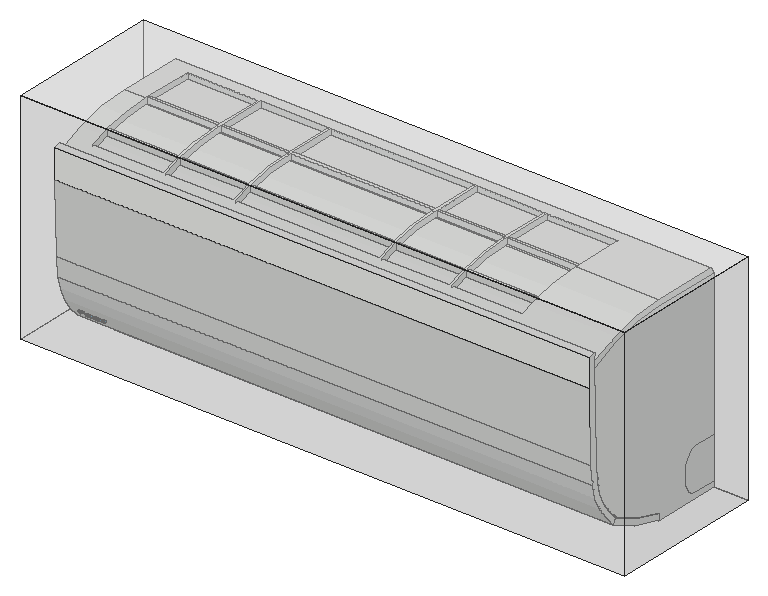
Revit family "outputfile", category 機械設備, Revit 2024
Family settings
  丸型コネクタ寸法 = 半径を使用
  パーツ タイプ = 標準
  OmniClass 番号 = 23.75.10.24.21.27.27
  OmniClass タイトル = Split System Air Conditioning Units
  作業面ベース = いいえ
  常に垂直 = はい
  ロード時にボイドで切り取り = いいえ
  注釈の向きを維持 = いいえ
  共有 = いいえ
  部屋計算ポイント = いいえ
Parameters (values of type "FTXV46UVMA")
  Description = ""
  書き出し IFC クラス(タイプ) = "IfcUnitaryEquipmentType"
  定義済み IFC タイプ(タイプ) = "AIRCONDITIONINGUNIT"
  Cost = 0
  Type Comments = ""
  Keynote = ""
  Type Image = (empty or 0)
  Assembly Code = ""
  w_wall hole = if(Width = 770.0 mm, 48.0 mm, 60.0 mm)  # 48.0 mm
  製造元 = "Daikin"
  モデル = "FTXV46UVMA"
  switch_frequency = yes
  r_Liquid Pipe Size = Liquid Pipe Size / 2  # 3.2 mm
  r_Gas Pipe Size = Gas Pipe Size / 2  # 6.35 mm
  r_Drain Pipe Size = Drain Pipe Size / 2  # 8.0 mm
  lw_powersupply [instance] = if(Width = 770.0 mm, if(or(Rear Right Connection_refrigerant, Bottom Right Connection_refrigerant), 25.0 mm, if(or(Rear Left Connection_refrigerant, Bottom Left Connection_refrigerant), 745.0 mm, 400.0 mm)), if(Width = 990.0 mm, if(or(Rear Right Connection_refrigerant, Bottom Right Connection_refrigerant), 40.0 mm, if(or(Rear Left Connection_refrigerant, Bottom Left Connection_refrigerant), 920.0 mm, 400.0 mm)), if(or(Rear Right Connection_refrigerant, Bottom Right Connection_refrigerant), 40.0 mm, if(or(Rear Left Connection_refrigerant, Bottom Left Connection_refrigerant), 920.0 mm, 400.0 mm))))  # 400.0 mm
  lw_liquidpipe [instance] = if(Width = 770.0 mm, if(or(Rear Right Connection_refrigerant, Bottom Right Connection_refrigerant), 0.0 mm, if(or(Rear Left Connection_refrigerant, Bottom Left Connection_refrigerant), 664.0 mm, 385.0 mm)), if(Width = 990.0 mm, if(or(Rear Right Connection_refrigerant, Bottom Right Connection_refrigerant), 0.0 mm, if(or(Rear Left Connection_refrigerant, Bottom Left Connection_refrigerant), 664.0 mm + (990.0 mm - 770.0 mm), 475.0 mm)), if(or(Rear Right Connection_refrigerant, Bottom Right Connection_refrigerant), 0.0 mm, if(or(Rear Left Connection_refrigerant, Bottom Left Connection_refrigerant), 664.0 mm + (990.0 mm - 770.0 mm), 475.0 mm))))  # 385.0 mm
  lw_gaspipe [instance] = if(Width = 770.0 mm, if(or(Rear Right Connection_refrigerant, Bottom Right Connection_refrigerant), 0.0 mm, if(or(Rear Left Connection_refrigerant, Bottom Left Connection_refrigerant), 675.0 mm, if(Gas Pipe Size = 12.7 mm, 345.0 mm, 335.0 mm))), if(Width = 990.0 mm, if(or(Rear Right Connection_refrigerant, Bottom Right Connection_refrigerant), 10.0 mm, if(or(Rear Left Connection_refrigerant, Bottom Left Connection_refrigerant), 890.0 mm, if(Gas Pipe Size = 15.9 mm, 410.0 mm, 400.0 mm))), if(or(Rear Right Connection_refrigerant, Bottom Right Connection_refrigerant), 10.0 mm, if(or(Rear Left Connection_refrigerant, Bottom Left Connection_refrigerant), 890.0 mm, if(Gas Pipe Size = 15.9 mm, 410.0 mm, 400.0 mm)))))  # 345.0 mm
  lw_drainpipe [instance] = if(Width = 770.0 mm, if(or(Rear Right Connection_refrigerant, Bottom Right Connection_refrigerant), 0.0 mm, if(or(Rear Left Connection_refrigerant, Bottom Left Connection_refrigerant), 770.0 mm - 48.0 mm - 48.0 mm, 440.0 mm)), if(Width = 990.0 mm, if(or(Rear Right Connection_refrigerant, Bottom Right Connection_refrigerant), 0.0 mm, if(or(Rear Left Connection_refrigerant, Bottom Left Connection_refrigerant), 675.0 mm + (990.0 mm - 770.0 mm), 435.0 mm)), if(or(Rear Right Connection_refrigerant, Bottom Right Connection_refrigerant), 0.0 mm, if(or(Rear Left Connection_refrigerant, Bottom Left Connection_refrigerant), 675.0 mm + (990.0 mm - 770.0 mm), 435.0 mm))))  # 440.0 mm
  l_powersupply_length [instance] = if(Width = 770.0 mm, if(Right Connection_refrigerant, 400.0 mm, if(Left Connection_refrigerant, 770.0 mm - 400.0 mm, if(or(Rear Left Connection_refrigerant, Rear Right Connection_refrigerant), 15.0 mm, 50.0 mm))), if(Width = 990.0 mm, if(Right Connection_refrigerant, 400.0 mm, if(Left Connection_refrigerant, 990.0 mm - 400.0 mm, if(or(Rear Left Connection_refrigerant, Rear Right Connection_refrigerant), 15.0 mm, 50.0 mm))), if(Right Connection_refrigerant, 400.0 mm, if(Left Connection_refrigerant, 990.0 mm - 400.0 mm, if(or(Rear Left Connection_refrigerant, Rear Right Connection_refrigerant), 15.0 mm, 50.0 mm)))))  # 400.0 mm
  l_liquidpipe_length [instance] = if(Width = 770.0 mm, if(Right Connection_refrigerant, 433.0 mm, if(Left Connection_refrigerant, 337.0 mm, if(or(Rear Left Connection_refrigerant, Rear Right Connection_refrigerant), 30.0 mm, 40.0 mm))), if(Width = 990.0 mm, if(Right Connection_refrigerant, 535.0 mm, if(Left Connection_refrigerant, 455.0 mm, if(or(Rear Left Connection_refrigerant, Rear Right Connection_refrigerant), 30.0 mm, 40.0 mm))), if(Right Connection_refrigerant, 535.0 mm, if(Left Connection_refrigerant, 455.0 mm, if(or(Rear Left Connection_refrigerant, Rear Right Connection_refrigerant), 30.0 mm, 40.0 mm)))))  # 433.0 mm
  l_gaspipe_length [instance] = if(Width = 770.0 mm, if(Right Connection_refrigerant, if(Gas Pipe Size = 12.7 mm, 393.0 mm, 383.0 mm), if(Left Connection_refrigerant, if(Gas Pipe Size = 12.7 mm, 770.0 mm - 393.0 mm, 770.0 mm - 383.0 mm), if(or(Rear Left Connection_refrigerant, Rear Right Connection_refrigerant), 40.0 mm, 50.0 mm))), if(Width = 990.0 mm, if(Right Connection_refrigerant, if(Gas Pipe Size = 15.9 mm, 470.0 mm, 460.0 mm), if(Left Connection_refrigerant, if(Gas Pipe Size = 15.9 mm, 990.0 mm - 470.0 mm, 990.0 mm - 460.0 mm), if(or(Rear Left Connection_refrigerant, Rear Right Connection_refrigerant), 40.0 mm, 50.0 mm))), if(Right Connection_refrigerant, if(Gas Pipe Size = 15.9 mm, 460.0 mm, 460.0 mm), if(Left Connection_refrigerant, if(Gas Pipe Size = 15.9 mm, 990.0 mm - 460.0 mm, 990.0 mm - 460.0 mm), if(or(Rear Left Connection_refrigerant, Rear Right Connection_refrigerant), 40.0 mm, 50.0 mm)))))  # 393.0 mm
  l_drainpipe_length [instance] = if(Width = 770.0 mm, if(Right Connection_refrigerant, 488.0 mm, if(Left Connection_refrigerant, 282.0 mm, if(or(Rear Left Connection_refrigerant, Rear Right Connection_refrigerant), 15.0 mm, 20.0 mm))), if(Width = 990.0 mm, if(Right Connection_refrigerant, 495.0 mm, if(Left Connection_refrigerant, 495.0 mm, if(or(Rear Left Connection_refrigerant, Rear Right Connection_refrigerant), 15.0 mm, 20.0 mm))), if(Right Connection_refrigerant, 495.0 mm, if(Left Connection_refrigerant, 495.0 mm, if(or(Rear Left Connection_refrigerant, Rear Right Connection_refrigerant), 15.0 mm, 20.0 mm)))))  # 488.0 mm
  h*** = 0.0 mm  # constant formula
  connector_voltage = Voltage_50Hz  # 230 V
  connector_powerinput = [Power Input (Cooling)]  # 1.220 kW
  connector_phase = Phase_50Hz  # 1
  angle_vertical [instance] = if(or(Bottom Left Connection_refrigerant, Bottom Right Connection_refrigerant), 0.00°, 90.00°)  # 90.00°
  angle_horizontal [instance] = if(Right Connection_refrigerant, 90.00°, if(Left Connection_refrigerant, -90.00°, if(or(Rear Left Connection_refrigerant, Rear Right Connection_refrigerant), 180.00°, 0.00°)))  # 90.00°
  Width = 770.0 mm
  Voltage_comment_60Hz = "220-230"
  Voltage_comment_50Hz = "220 - 240"
  Voltage_60Hz = 220 V
  Voltage_50Hz = 230 V
  Version = "ver.1.0"
  Unit Type = "Wall Mounted"
  Unit Mass Weight = 9.00 kg
  Unit Designation [instance] = ""
  Uniclass2015Version = "Products v1.30"
  Uniclass2015Title = "Split coil room air conditioning units"
  Uniclass2015Code = "Pr_70_65_03_86"
  URL = ""
  Total Heating Capacity [instance] = 0.000 kW
  Total Cooling Capacity [instance] = 0.000 kW
  Sound Pressure Level_M speed (dBA) = 40
  Sound Pressure Level_L speed (dBA) = 35
  Sound Pressure Level_H speed (dBA) = 44
  Sound Power Level_H speed (dB) = 0
  Series = "Single Split_Fan Coil Unit"
  Sensible Cooling Capacity [instance] = 0.000 kW
  Refrigerant Type = "R32"
  Power Input (Heating) = 1.180 kW
  Power Input (Cooling) = 1.220 kW
  Phase_60Hz = 1
  Phase_50Hz = 1
  Option Accessory 3 [instance] = ""
  Option Accessory 2 [instance] = ""
  Option Accessory 1 [instance] = ""
  Nominal Heating Capacity = 4.700 kW
  Nominal Cooling Capacity = 4.600 kW
  Minimum Circuit Amps_60Hz = 0.0 A
  Minimum Circuit Amps_50Hz = 0.0 A
  Minimum Airflow = 504.00 m³/h
  Median Airflow = 600.00 m³/h
  Maximum Fuse Amps_60Hz = 0.0 A
  Maximum Fuse Amps_50Hz = 0.0 A
  Maximum Airflow = 732.00 m³/h
  Material_Casing = DAIKIN_PureWhite_Casing_indoorunit
  Load Classification = HVAC
  Liquid Pipe Size = 6.4 mm
  Link_Nested Family [instance] = ""
  IfcVersion = ""
  IfcExportType = "AIRCONDITIONINGUNIT"
  IfcExportAs = "IfcUnitaryEquipmentType"
  Height = 285.0 mm
  Heating Entering Wet Bulb Temperature [instance] = -273.15 °C
  Heating Entering Dry Bulb Temperature [instance] = -273.15 °C
  Heating Ambient Wet Bulb Temperature [instance] = -273.15 °C
  Heating Ambient Dry Bulb Temperature [instance] = -273.15 °C
  Heat Exchanger Type = "Cross Fin Coil"
  Gas Pipe Size = 12.7 mm
  Frequency_60Hz = 60 Hz
  Frequency_50Hz = 50 Hz
  Fan Type = "Cross Flow Fan"
  Fan Drive = "-"
  FCU Tag No. [instance] = ""
  Drain Pipe Size = 16.0 mm
  Design Supply Airflow [instance] = 0.00 m³/h
  Depth = 223.0 mm
  既定の高さ = 0.0 mm
  Cooling Entering Wet Bulb Temperature [instance] = 0.00 °C
  Cooling Entering Dry Bulb Temperature [instance] = 0.00 °C
  Cooling Ambient Wet Bulb Temperature [instance] = 0.00 °C
  Cooling Ambient Dry Bulb Temperature [instance] = 0.00 °C
  Clearance visibility [instance] = yes
  Clearance Top = 30.0 mm
  Clearance Right = 50.0 mm
  Clearance Rear = 0.0 mm
  Clearance Left = 50.0 mm
  Clearance Front = 0.0 mm
  Clearance Bottom = 0.0 mm
  Bottom Right Connection_refrigerant [instance] = no
  Bottom Left Connection_refrigerant [instance] = no
  Rear Right Connection_refrigerant [instance] = no
  Rear Left Connection_refrigerant [instance] = no
  Right Connection_refrigerant [instance] = yes
  Left Connection_refrigerant [instance] = no
Reference planes
  plane 1 "Back": y = 0
  plane 2: z = 0
  plane 3 "Center (Left/Right)": x = 0
  plane 4 "Center (Front/Back)": y = -111.5
  plane 5 "Front": y = -223
  plane 6 "Left": x = -385
  plane 7 "Right": x = 385
  plane 8 "Top": z = 0
  plane 9 "Bottom": z = -285
  plane 10: x = -435
  plane 11: x = 435
  plane 12: y = 0
  plane 13: y = -223
  plane 14: z = 30
  plane 15: z = -285
  plane 16 "lw_Piping and Wiring intake": x = 337
  plane 17 "lw_gaspipe": x = -8
  plane 18 "lw_liquidpipe": x = -48
  plane 19 "lw_drainpipe": x = -103
  plane 20 "lh_drainpipe": z = -265
  plane 21 "lh_liquidpipe": z = -245
  plane 22 "lh_gaspipe": z = -235
  plane 23 "ld_drainpipe": y = -15
  plane 24 "ld_liquidpipe": y = -30
  plane 25 "ld_gaspipe": y = -40
  plane 26 "lw_powersupply": x = -15
Dimensions and locks
  equal spacing: plane 6 "Left", plane 3 "Center (Left/Right)", plane 7 "Right"
  "Width": plane 6 "Left" to plane 7 "Right"
  equal spacing: plane 5 "Front", plane 4 "Center (Front/Back)", plane 1 "Back"
  "Depth": plane 5 "Front" to plane 1 "Back"
  "Height": plane 8 "Top" to plane 9 "Bottom"
  "Clearance Rear": plane 12 to plane 1 "Back"
  "Clearance Front": plane 13 to plane 5 "Front"
  "Clearance Top": plane 14 to plane 8 "Top"
  "Clearance Bottom": plane 9 "Bottom" to plane 15
  "w_wall hole": plane 16 "lw_Piping and Wiring intake" to plane 7 "Right"
  "lw_gaspipe": plane 17 "lw_gaspipe" to plane 16 "lw_Piping and Wiring intake"
  "lw_liquidpipe": plane 18 "lw_liquidpipe" to plane 16 "lw_Piping and Wiring intake"
  "lw_drainpipe": plane 19 "lw_drainpipe" to plane 16 "lw_Piping and Wiring intake"
  locked: plane 20 "lh_drainpipe" to plane 9 "Bottom" at 20
  locked: plane 21 "lh_liquidpipe" to plane 9 "Bottom" at 40
  locked: plane 22 "lh_gaspipe" to plane 9 "Bottom" at 50
  locked: plane 23 "ld_drainpipe" to plane 1 "Back" at 15
  locked: plane 1 "Back" to plane 24 "ld_liquidpipe" at 30
  locked: plane 1 "Back" to plane 25 "ld_gaspipe" at 40
  "lw_powersupply": plane 26 "lw_powersupply" to plane 7 "Right"
  "Clearance Left": plane 10 to plane 6 "Left"
  "Clearance Right": plane 7 "Right" to plane 11
  aligned and locked: level to plane 2
  aligned and locked: plane 12 to nested 1
  aligned and locked: nested 1 to plane 13
  aligned and locked: plane 10 to nested 1
  aligned and locked: plane 11 to nested 1
  aligned and locked: plane 15 to nested 1
  aligned and locked: plane 14 to nested 1
  aligned and locked: plane 17 "lw_gaspipe" to nested 2
  aligned and locked: nested 2 to plane 25 "ld_gaspipe"
  aligned and locked: plane 18 "lw_liquidpipe" to nested 3
  aligned and locked: nested 3 to plane 24 "ld_liquidpipe"
  aligned and locked: plane 19 "lw_drainpipe" to nested 4
  aligned and locked: nested 4 to plane 23 "ld_drainpipe"
  aligned and locked: nested 5 to plane 23 "ld_drainpipe"
  aligned and locked: plane 26 "lw_powersupply" to nested 5
  aligned and locked: level to plane 8 "Top"
  aligned and locked: plane 3 "Center (Left/Right)" to nested 6
  aligned and locked: plane 1 "Back" to nested 6
  aligned and locked: plane 8 "Top" to nested 6
Nested families
  nested 1: "daikin_clearancespace" at (0, -111.5, -127.381), show <- "Clearance visibility", visible <- "Clearance visibility", Link_Nested Family <- "Link_Nested Family", type "daikin_clearancespace"
    with width 870.0 mm, show yes, height 315.0 mm, depth 223.0 mm, Link_Nested Family ""
  nested 2: "daikin_connector_rotate3" at (-8, -40, -235), angle_vertical <- "angle_vertical", angle_horizontal <- "angle_horizontal", length <- "l_gaspipe_length", radius <- "r_Gas Pipe Size", type "daikin_connector_rotate3"
    with show no, radius 6.35 mm, length 393.0 mm, angle_vertical 90.00°, angle_horizontal 90.00°
  nested 3: "daikin_connector_rotate3" at (-48, -30, -245), angle_vertical <- "angle_vertical", angle_horizontal <- "angle_horizontal", radius <- "r_Liquid Pipe Size", length <- "l_liquidpipe_length", type "daikin_connector_rotate3"
    with show no, radius 3.2 mm, length 433.0 mm, angle_vertical 90.00°, angle_horizontal 90.00°
  nested 4: "daikin_connector_rotate3" at (-103, -15, -265), angle_vertical <- "angle_vertical", angle_horizontal <- "angle_horizontal", length <- "l_drainpipe_length", radius <- "r_Drain Pipe Size", type "daikin_connector_rotate3"
    with show no, radius 8.0 mm, length 488.0 mm, angle_vertical 90.00°, angle_horizontal 90.00°
  nested 5: "daikin_connector_rotate3" at (-15, -15, -235), angle_vertical <- "angle_vertical", angle_horizontal <- "angle_horizontal", length <- "l_powersupply_length", type "daikin_connector_rotate3"
    with show no, radius 10.0 mm, length 400.0 mm, angle_vertical 90.00°, angle_horizontal 90.00°
  nested 6: "DAIKIN_indoorunit_FTXV-UVMA" at (-31, 0, 0), type "FTXV-UVMA"
    with Width=990 no, Width=770 yes, Width 770.0 mm, WALL HOLE-R 48.0 mm, WALL HOLE Size 65.0 mm, Height 285.0 mm
Connectors
  piping at (385, -40, -235), diameter 12.7, driven by "r_Gas Pipe Size"
    settings: on nested 2, index 1, connector inside diameter 609.6 mm, connector length 0.0 mm, flow factor 0, pipe flow 0.00 m³/h, pressure drop 0.0 Pa, fitting loss kfactor 0, connector angle 0.00°, fixture units 0, engagement length 0.0 mm, angle of deflection 0.00°, flow configuration 1, flow direction 2, fitting loss method 0, system type 29, joint type 0, gender type 0, connector reference index -1, connector utility 0, adjustable connector no, is connector primary yes, connector description "Refrigerant Gas Piping"
  piping at (385, -30, -245), diameter 6.4, driven by "r_Liquid Pipe Size"
    settings: on nested 3, index 2, connector inside diameter 609.6 mm, connector length 0.0 mm, flow factor 0, pipe flow 0.00 m³/h, pressure drop 0.0 Pa, fitting loss kfactor 0, connector angle 0.00°, fixture units 0, engagement length 0.0 mm, angle of deflection 0.00°, flow configuration 1, flow direction 1, fitting loss method 0, system type 29, joint type 0, gender type 0, connector reference index -1, connector utility 0, adjustable connector no, is connector primary no, connector description "Refrigerant Liquid Piping"
  piping at (385, -15, -265), diameter 16, driven by "r_Drain Pipe Size"
    settings: on nested 4, index 3, connector inside diameter 609.6 mm, connector length 0.0 mm, flow factor 0, pipe flow 0.00 m³/h, pressure drop 0.0 Pa, fitting loss kfactor 0, connector angle 0.00°, fixture units 0, engagement length 0.0 mm, angle of deflection 0.00°, flow configuration 1, flow direction 2, fitting loss method 4, system type 16, joint type 0, gender type 0, connector reference index -1, connector utility 0, adjustable connector no, is connector primary no, connector description "Condensate Drain Piping"
  electrical at (385, -15, -235), driven by "Load Classification", driven by "connector_voltage", driven by "connector_phase", driven by "connector_powerinput"
    settings: on nested 5, index 4, voltage 230 V, apparent load 1220 VA, apparent load phase1 0 VA, apparent load phase2 0 VA, apparent load phase3 0 VA, power factor 1, load classification "HVAC", number of poles 1, system type 30, power factor state 1, is connector primary yes, connector utility no, sub classification motor no, connector description "Power Supply"
Definition of nested family "daikin_clearancespace"
  Parameters (values of type "daikin_clearancespace")
    Description = "daikin_clearancespace"
    width [instance] = 1823.963 mm
    show [instance] = yes
    material = none
    height [instance] = 1359.762 mm
    depth [instance] = 880.0 mm
    Default Elevation = 0.0 mm
    Link_Nested Family [instance] = ""
  Reference planes
    plane 1 "Center (Front/Back)": y = 0
    plane 2 "Center (Elevation)": z = -0.119
    plane 3 "Center (Left/Right)": x = 0
    plane 4: y = 440
    plane 5: y = -440
    plane 6 "Right": x = 911.982
    plane 7 "Left": x = -911.982
    plane 8 "Top": z = 679.762
    plane 9 "Bottom": z = -680
  Forms (mm)
    Extrusion 1, solid, material <- "material", visible <- "show"
      sketch origin (0, 0, 0) x (1, 0, 0) y (0, 1, 0)
        loop
          line (-911.982, 440) -> (-911.982, -440) -> (911.982, -440) -> (911.982, 440) -> (-911.982, 440)
      from -680 to 679.762
  Lines and regions (mm)
    symbolic lines, visible <- "show"
      curve 1: line (911.982, 440, 0) -> (-911.982, 440, 0)
      curve 2: line (-911.982, 440, 0) -> (-911.982, -440, 0)
      curve 3: line (-911.982, -440, 0) -> (911.982, -440, 0)
      curve 4: line (911.982, -440, 0) -> (911.982, 440, 0)
      curve 5: line (911.982, 0, 679.762) -> (-911.982, 0, 679.762)
      curve 6: line (911.982, 0, -680) -> (911.982, 0, 679.762)
      curve 7: line (-911.982, 0, -680) -> (911.982, 0, -680)
      curve 8: line (-911.982, 0, 679.762) -> (-911.982, 0, -680)
      curve 9: line (0, 440, 679.762) -> (0, -440, 679.762)
      curve 10: line (0, -440, 679.762) -> (0, -440, -680)
      curve 11: line (0, 440, -680) -> (0, 440, 679.762)
      curve 12: line (0, -440, -680) -> (0, 440, -680)
  Dimensions and locks
    "width": plane 7 "Left" to plane 6 "Right"
    "depth": plane 4 to plane 5
    "height": plane 8 "Top" to plane 9 "Bottom"
    equal spacing: plane 7 "Left", plane 3 "Center (Left/Right)", plane 6 "Right"
    equal spacing: plane 4, plane 1 "Center (Front/Back)", plane 5
    equal spacing: plane 8 "Top", plane 2 "Center (Elevation)", plane 9 "Bottom"
    aligned and locked: level to plane 2 "Center (Elevation)"
    aligned and locked: Extrusion 1 sketch curve to plane 4
    aligned and locked: plane 7 "Left" to Extrusion 1 sketch curve
    aligned and locked: Extrusion 1 sketch curve to plane 5
    aligned and locked: Extrusion 1 sketch curve to plane 6 "Right"
    aligned and locked: plane 8 "Top" to Extrusion 1
    aligned and locked: curve 1 to Extrusion 1
    aligned and locked: curve 2 to Extrusion 1
    aligned and locked: curve 3 to Extrusion 1
    aligned and locked: curve 4 to Extrusion 1
    aligned and locked: curve 5 to Extrusion 1
    aligned and locked: curve 6 to Extrusion 1
    aligned and locked: curve 7 to Extrusion 1
    aligned and locked: curve 8 to Extrusion 1
    aligned and locked: curve 9 to Extrusion 1
    aligned and locked: curve 10 to Extrusion 1
    aligned and locked: curve 11 to Extrusion 1
    aligned and locked: curve 12 to Extrusion 1
    aligned and locked: Extrusion 1 to plane 9 "Bottom"
Definition of nested family "DAIKIN_indoorunit_FTXV-UVMA"
  Parameters (values of type "FTKF-TVMA")
    Width=990 = Width = 990.0 mm  # yes
    Width=770 = Width = 770.0 mm  # no
    Width = 990.0 mm
    WALL HOLE-R = if(Width = 770.0 mm, 48.0 mm, 60.0 mm)  # 60.0 mm
    WALL HOLE Size = if(Width = 770.0 mm, 65.0 mm, 80.0 mm)  # 80.0 mm
    Material_Casing = none
    Height = if(Width = 770.0 mm, 285.0 mm, 295.0 mm)  # 295.0 mm
    Default Elevation = 0.0 mm
  Reference planes
    plane 1 "Center (Front/Back)": y = 0
    plane 2 "reference_level": z = 0
    plane 3 "Center (Left/Right)": x = 31
    plane 4: x = -464
    plane 5: x = 526
    plane 6: z = -295
  Forms (mm)
    Extrusion 1, solid, material <- "Material_Casing", visible <- "Width=770"
      sketch origin (29, 0, 0) x (0, 1, 0) y (0, 0, 1)
        loop
          line (-5, 0) -> (-98, 0)
          arc (-98, 0) -> (-157.611, -7.211) -> (-213.783, -28.427) r 250
          arc (-213.783, -28.427) -> (-213.842, -32.972) -> (-213.892, -37.516) r 2191
          arc (-213.892, -37.516) -> (-157.832, -15.495) -> (-98.07, -8) r 242
          line (-98.07, -8) -> (0, -8) -> (-5, 0)
      from -383 to 387
    Extrusion 2, solid, material <- "Material_Casing", visible <- "Width=770"
      sketch origin (416, 1296.25, 1200) x (0, 1, 0) y (0, 0, 1)
        loop
          line (-1472.998, -1446.91) -> (-1476.998, -1453.839)
          arc (-1476.998, -1453.839) -> (-1437.481, -1472.422) -> (-1395.25, -1483.538) r 240
          line (-1395.25, -1483.538) -> (-1395.25, -1475.422)
          arc (-1395.25, -1475.422) -> (-1435.407, -1464.663) -> (-1472.998, -1446.91) r 232
      from 0 to -47.5
    Extrusion 3, solid, material <- "Material_Casing", visible <- "Width=770"
      sketch origin (29, 0, 0) x (0, 1, 0) y (0, 0, 1)
        loop
          arc (-223, -60.455) -> (-222.414, -110.646) -> (-220.656, -160.81) r 2149.92
          arc (-220.656, -160.81) -> (-219.65, -174.299) -> (-217.853, -187.706) r 229.911
          arc (-217.853, -187.706) -> (-205.371, -223.594) -> (-181.517, -253.17) r 111
          line (-181.517, -253.17) -> (-177.429, -246.093)
          arc (-177.429, -246.093) -> (-198.77, -218.989) -> (-209.965, -186.36) r 103
          arc (-209.965, -186.36) -> (-211.681, -173.586) -> (-212.651, -160.735) r 221.844
          arc (-212.651, -160.735) -> (-214.739, -93.233) -> (-214.74, -25.699) r 2186.828
          arc (-214.74, -25.699) -> (-214.671, -21.467) -> (-214.594, -17.235) r 2192
          line (-214.594, -17.235) -> (-223, -19.961) -> (-223, -60.455)
      from -383 to 387
    Extrusion 4, solid, material <- "Material_Casing", visible <- "Width=770"
      sketch origin (29, 0, -20) x (0, 1, 0) y (0, 0, 1)
        loop
          line (0, -265) -> (0, 12) -> (-98.07, 12)
          arc (-98.07, 12) -> (-157.832, 4.505) -> (-213.892, -17.516) r 242
          arc (-213.892, -17.516) -> (-213.638, -79.114) -> (-211.653, -140.681) r 2191
          arc (-211.653, -140.681) -> (-210.685, -153.501) -> (-208.973, -166.243) r 221
          arc (-208.973, -166.243) -> (-197.471, -199.282) -> (-175.482, -226.491) r 102
          arc (-175.482, -226.491) -> (-138.004, -244.019) -> (-98, -254.579) r 231
          line (-98, -254.579) -> (-98, -265) -> (0, -265)
      from -383 to 387
    Extrusion 5, solid, material <- "Material_Casing", visible <- "Width=770"
      sketch origin (-354, 1296.25, 1200) x (0, 1, 0) y (0, 0, 1)
        loop
          line (-1472.998, -1446.91) -> (-1476.998, -1453.839)
          arc (-1476.998, -1453.839) -> (-1437.481, -1472.422) -> (-1395.25, -1483.538) r 240
          line (-1395.25, -1483.538) -> (-1395.25, -1475.422)
          arc (-1395.25, -1475.422) -> (-1435.407, -1464.663) -> (-1472.998, -1446.91) r 232
      from 47 to 0
    Extrusion 6, solid, material <- "Material_Casing", visible <- "Width=770"
      sketch origin (416, 1296.25, 1200) x (0, 1, 0) y (0, 0, 1)
        loop
          line (-1472.998, -1446.91) -> (-1476.998, -1453.839)
          arc (-1476.998, -1453.839) -> (-1443.437, -1470.168) -> (-1407.75, -1481.097) r 240
          line (-1407.75, -1481.097) -> (-1407.75, -1472.894)
          arc (-1407.75, -1472.894) -> (-1441.363, -1462.385) -> (-1472.998, -1446.91) r 232
      from -116.993 to -48.493
    Extrusion 7, solid, material <- "Material_Casing", visible <- "Width=770"
      sketch origin (416, 1296.25, 1200) x (0, 1, 0) y (0, 0, 1)
        loop
          line (-1472.998, -1446.91) -> (-1476.998, -1453.839)
          arc (-1476.998, -1453.839) -> (-1443.437, -1470.168) -> (-1407.75, -1481.097) r 240
          line (-1407.75, -1481.097) -> (-1407.75, -1472.894)
          arc (-1407.75, -1472.894) -> (-1441.363, -1462.385) -> (-1472.998, -1446.91) r 232
      from -717 to -121.993
    Extrusion 8, void
      sketch origin (31, 0, -235) x (1, 0, 0) y (0, 1, 0)
        loop
          line (-252.674, -22.316) -> (-354.941, -22.316) -> (-354.941, -91.341) -> (-252.674, -91.341) -> (-252.674, -22.316)
        loop
          line (-249.341, -91.341) -> (-151.574, -91.341) -> (-151.574, -22.316) -> (-249.341, -22.316) -> (-249.341, -91.341)
        loop
          line (58.309, -22.316) -> (-148.309, -22.316) -> (-148.309, -91.341) -> (58.309, -91.341) -> (58.309, -22.316)
        loop
          line (61.689, -22.316) -> (61.689, -91.341) -> (159.457, -91.341) -> (159.457, -22.316) -> (61.689, -22.316)
        loop
          line (162.789, -22.316) -> (162.789, -91.341) -> (265.057, -91.341) -> (265.057, -22.316) -> (162.789, -22.316)
        loop
          line (-354.941, -94.659) -> (-354.941, -165.259) -> (-252.674, -165.259) -> (-252.674, -94.659) -> (-354.941, -94.659)
        loop
          line (-249.341, -94.659) -> (-249.341, -165.259) -> (-151.574, -165.259) -> (-151.574, -94.659) -> (-249.341, -94.659)
        loop
          line (-148.309, -94.659) -> (-148.309, -165.259) -> (58.309, -165.259) -> (58.309, -94.659) -> (-148.309, -94.659)
        loop
          line (61.689, -94.659) -> (61.689, -165.259) -> (159.457, -165.259) -> (159.457, -94.659) -> (61.689, -94.659)
        loop
          line (162.789, -94.659) -> (162.789, -165.259) -> (265.057, -165.259) -> (265.057, -94.659) -> (162.789, -94.659)
        loop
          line (-354.941, -167.382) -> (-354.941, -192.681) -> (-252.674, -192.681) -> (-252.674, -167.382) -> (-354.941, -167.382)
        loop
          line (-249.341, -167.382) -> (-249.341, -192.681) -> (-151.574, -192.681) -> (-151.574, -167.382) -> (-249.341, -167.382)
        loop
          line (-148.309, -167.382) -> (-148.309, -192.681) -> (58.309, -192.681) -> (58.309, -167.382) -> (-148.309, -167.382)
        loop
          line (159.457, -167.382) -> (61.689, -167.382) -> (61.689, -192.681) -> (159.457, -192.681) -> (159.457, -167.382)
        loop
          line (265.057, -167.382) -> (162.789, -167.382) -> (162.789, -192.681) -> (265.057, -192.681) -> (265.057, -167.382)
      from 201.638 to 250
    Extrusion 9, solid, material <- "Material_Casing"
      sketch origin (31, 0, 0) x (1, 0, 0) y (0, 0, 1)
        loop
          circle (435, -250.5) r 40
        loop
          circle (-447, -250.5) r 40
      from 0 to 5
    Extrusion 10, solid, material <- "Material_Casing", visible <- "Width=770"
      sketch origin (416, 1296.25, 1200) x (0, -1, 0) y (0, 0, 1)
        loop
          line (1326.25, -1417) -> (1296.25, -1417) -> (1296.25, -1477) -> (1326.25, -1477)
          arc (1326.25, -1477) -> (1340.393, -1471.142) -> (1346.25, -1457) r 20
          line (1346.25, -1457) -> (1346.25, -1437)
          arc (1346.25, -1437) -> (1340.393, -1422.858) -> (1326.25, -1417) r 20
      from 0 to 5
    Extrusion 11, solid, material <- "Material_Casing", visible <- "Width=770"
      sketch origin (-354, 1296.25, 1200) x (0, 1, 0) y (0, 0, 1)
        loop
          line (-1296.25, -1417) -> (-1326.25, -1417)
          arc (-1326.25, -1417) -> (-1340.393, -1422.858) -> (-1346.25, -1437) r 20
          line (-1346.25, -1437) -> (-1346.25, -1457)
          arc (-1346.25, -1457) -> (-1340.393, -1471.142) -> (-1326.25, -1477) r 20
          line (-1326.25, -1477) -> (-1296.25, -1477) -> (-1296.25, -1417)
      from 0 to 5
    Extrusion 12, solid, material <- "Material_Casing", visible <- "Width=770"
      sketch origin (31, 0, -285) x (-1, 0, 0) y (0, -1, 0)
        loop
          line (-314, 0) -> (-314, 30)
          arc (-314, 30) -> (-319.858, 44.142) -> (-334, 50) r 20
          line (-334, 50) -> (-354, 50)
          arc (-354, 50) -> (-368.142, 44.142) -> (-374, 30) r 20
          line (-374, 30) -> (-374, 0) -> (-314, 0)
        loop
          line (374, 0) -> (374, 30)
          arc (374, 30) -> (368.142, 44.142) -> (354, 50) r 20
          line (354, 50) -> (334, 50)
          arc (334, 50) -> (319.858, 44.142) -> (314, 30) r 20
          line (314, 30) -> (314, 0) -> (374, 0)
      from 0 to 5
    Extrusion 13, solid, material <- "Material_Casing", visible <- "Width=990"
      sketch origin (31, 0, 0) x (0, 1, 0) y (0, 0, 1)
        loop
          line (-5, 0) -> (-138, 0)
          arc (-138, 0) -> (-197.611, -7.211) -> (-253.783, -28.427) r 250
          arc (-253.783, -28.427) -> (-253.838, -32.687) -> (-253.886, -36.946) r 2191
          arc (-253.886, -36.946) -> (-197.73, -15.346) -> (-138.014, -8) r 246.393
          line (-138.014, -8) -> (0, -8) -> (-5, 0)
      from -495 to 495
    Extrusion 14, solid, material <- "Material_Casing", visible <- "Width=990"
      sketch origin (418, 1296.25, 1200) x (0, 1, 0) y (0, 0, 1)
        loop
          arc (-1515.208, -1454.149) -> (-1506.856, -1460.599) -> (-1497.925, -1466.219) r 110
          arc (-1497.925, -1466.219) -> (-1445.718, -1487.493) -> (-1389.844, -1494.995) r 223
          line (-1389.844, -1494.995) -> (-1389.844, -1486.086) -> (-1404.386, -1486.086)
          arc (-1404.386, -1486.086) -> (-1449.542, -1477.46) -> (-1491.818, -1459.402) r 214.289
          arc (-1491.818, -1459.402) -> (-1501.056, -1453.541) -> (-1509.606, -1446.715) r 101
          line (-1509.606, -1446.715) -> (-1515.208, -1454.149)
      from 108 to 57.5
    Extrusion 15, solid, material <- "Material_Casing", visible <- "Width=990"
      sketch origin (31, 0, 0) x (0, 1, 0) y (0, 0, 1)
        loop
          line (-263, -19.962) -> (-263, -61.6)
          arc (-263, -61.6) -> (-262.414, -110.219) -> (-260.656, -158.81) r 2017.341
          arc (-260.656, -158.81) -> (-255.648, -191.935) -> (-244.041, -223.362) r 164.725
          arc (-244.041, -223.362) -> (-233.569, -239.793) -> (-219.717, -253.495) r 87.379
          line (-219.717, -253.495) -> (-214.706, -246.846)
          arc (-214.706, -246.846) -> (-229.564, -230.029) -> (-240.385, -210.371) r 102
          arc (-240.385, -210.371) -> (-249.049, -182.962) -> (-252.848, -154.467) r 165.789
          arc (-252.848, -154.467) -> (-254.771, -90.102) -> (-254.74, -25.708) r 2122.533
          arc (-254.74, -25.708) -> (-254.671, -21.469) -> (-254.594, -17.23) r 2192
          line (-254.594, -17.23) -> (-263, -19.962)
      from -495 to 495
    Extrusion 16, void
      sketch origin (33, 0, 0) x (1, 0, 0) y (0, 1, 0)
        loop
          line (-466.909, -22.316) -> (-466.909, -111.341) -> (-366.303, -111.341) -> (-366.303, -22.316) -> (-466.909, -22.316)
        loop
          line (-362.71, -22.316) -> (-362.71, -111.341) -> (-262.103, -111.341) -> (-262.103, -22.316) -> (-362.71, -22.316)
        loop
          line (-258.51, -22.316) -> (-258.51, -111.341) -> (-157.904, -111.341) -> (-157.904, -22.316) -> (-258.51, -22.316)
        loop
          line (-154.31, -22.316) -> (-154.31, -111.341) -> (-53.704, -111.341) -> (-53.704, -22.316) -> (-154.31, -22.316)
        loop
          line (-50.11, -22.316) -> (-50.11, -111.341) -> (50.496, -111.341) -> (50.496, -22.316) -> (-50.11, -22.316)
        loop
          line (54.089, -22.316) -> (54.089, -111.341) -> (154.696, -111.341) -> (154.696, -22.316) -> (54.089, -22.316)
        loop
          line (158.289, -22.316) -> (158.289, -111.341) -> (258.895, -111.341) -> (258.895, -22.316) -> (158.289, -22.316)
        loop
          line (262.489, -22.316) -> (262.489, -111.341) -> (363.095, -111.341) -> (363.095, -22.316) -> (262.489, -22.316)
        loop
          line (-466.909, -114.459) -> (-466.909, -185.059) -> (-366.303, -185.059) -> (-366.303, -114.459) -> (-466.909, -114.459)
        loop
          line (-362.71, -114.459) -> (-362.71, -185.059) -> (-262.103, -185.059) -> (-262.103, -114.459) -> (-362.71, -114.459)
        loop
          line (-258.51, -114.459) -> (-258.51, -185.059) -> (-157.904, -185.059) -> (-157.904, -114.459) -> (-258.51, -114.459)
        loop
          line (-154.31, -114.459) -> (-154.31, -185.059) -> (-53.704, -185.059) -> (-53.704, -114.459) -> (-154.31, -114.459)
        loop
          line (-50.11, -114.459) -> (-50.11, -185.059) -> (50.496, -185.059) -> (50.496, -114.459) -> (-50.11, -114.459)
        loop
          line (54.089, -114.459) -> (54.089, -185.059) -> (154.696, -185.059) -> (154.696, -114.459) -> (54.089, -114.459)
        loop
          line (158.289, -114.459) -> (158.289, -185.059) -> (258.895, -185.059) -> (258.895, -114.459) -> (158.289, -114.459)
        loop
          line (262.489, -114.459) -> (262.489, -185.059) -> (363.095, -185.059) -> (363.095, -114.459) -> (262.489, -114.459)
        loop
          line (-466.909, -187.382) -> (-466.909, -232.681) -> (-366.303, -232.681) -> (-366.303, -187.382) -> (-466.909, -187.382)
        loop
          line (-362.71, -187.382) -> (-362.71, -232.681) -> (-262.103, -232.681) -> (-262.103, -187.382) -> (-362.71, -187.382)
        loop
          line (-258.51, -187.382) -> (-258.51, -232.681) -> (-157.904, -232.681) -> (-157.904, -187.382) -> (-258.51, -187.382)
        loop
          line (-154.31, -187.382) -> (-154.31, -232.681) -> (-53.704, -232.681) -> (-53.704, -187.382) -> (-154.31, -187.382)
        loop
          line (-50.11, -187.382) -> (-50.11, -232.681) -> (50.496, -232.681) -> (50.496, -187.382) -> (-50.11, -187.382)
        loop
          line (54.089, -187.382) -> (54.089, -232.681) -> (154.696, -232.681) -> (154.696, -187.382) -> (54.089, -187.382)
        loop
          line (158.289, -187.382) -> (158.289, -232.681) -> (258.895, -232.681) -> (258.895, -187.382) -> (158.289, -187.382)
        loop
          line (262.489, -187.382) -> (262.489, -232.681) -> (363.095, -232.681) -> (363.095, -187.382) -> (262.489, -187.382)
      from -40.013 to 47.268
    Extrusion 17, solid, material <- "Material_Casing", visible <- "Width=990"
      sketch origin (-356, 1296.25, 1200) x (0, 1, 0) y (0, 0, -1)
        loop
          line (-1515.208, 1454.149) -> (-1509.606, 1446.715)
          arc (-1509.606, 1446.715) -> (-1501.056, 1453.541) -> (-1491.818, 1459.402) r 101
          arc (-1491.818, 1459.402) -> (-1449.542, 1477.46) -> (-1404.386, 1486.086) r 214.289
          line (-1404.386, 1486.086) -> (-1389.844, 1486.086) -> (-1389.844, 1494.995)
          arc (-1389.844, 1494.995) -> (-1445.718, 1487.493) -> (-1497.925, 1466.219) r 223
          arc (-1497.925, 1466.219) -> (-1506.856, 1460.599) -> (-1515.208, 1454.149) r 110
      from 108 to 61
    Extrusion 18, solid, material <- "Material_Casing", visible <- "Width=990"
      sketch origin (418, 1296.25, 1200) x (0, 1, 0) y (0, 0, 1)
        loop
          arc (-1515.208, -1454.149) -> (-1506.856, -1460.599) -> (-1497.925, -1466.219) r 110
          arc (-1497.925, -1466.219) -> (-1463.185, -1482.066) -> (-1426.25, -1491.755) r 223
          line (-1426.25, -1491.755) -> (-1426.25, -1483.166)
          arc (-1426.25, -1483.166) -> (-1460.008, -1473.969) -> (-1491.818, -1459.402) r 214.289
          arc (-1491.818, -1459.402) -> (-1501.056, -1453.541) -> (-1509.606, -1446.715) r 101
          line (-1509.606, -1446.715) -> (-1515.208, -1454.149)
      from 56.5 to -36.993
    Extrusion 19, solid, material <- "Material_Casing", visible <- "Width=990"
      sketch origin (418, 1296.25, 1200) x (0, 1, 0) y (0, 0, 1)
        loop
          arc (-1426.25, -1483.166) -> (-1443.442, -1479.224) -> (-1460.25, -1473.881) r 214.289
          line (-1460.25, -1473.881) -> (-1460.25, -1483.089)
          arc (-1460.25, -1483.089) -> (-1443.421, -1488.091) -> (-1426.25, -1491.755) r 223
          line (-1426.25, -1491.755) -> (-1426.25, -1483.166)
      from -43.493 to -828.893
    Extrusion 20, solid, material <- "Material_Casing", visible <- "Width=990"
      sketch origin (418, 1296.25, 1200) x (0, 1, 0) y (0, 0, 1)
        loop
          arc (-1515.208, -1454.149) -> (-1506.856, -1460.599) -> (-1497.925, -1466.219) r 110
          arc (-1497.925, -1466.219) -> (-1479.479, -1475.527) -> (-1460.25, -1483.089) r 223
          line (-1460.25, -1483.089) -> (-1460.25, -1473.881)
          arc (-1460.25, -1473.881) -> (-1476.328, -1467.282) -> (-1491.818, -1459.402) r 214.289
          arc (-1491.818, -1459.402) -> (-1501.056, -1453.541) -> (-1509.606, -1446.715) r 101
          line (-1509.606, -1446.715) -> (-1515.208, -1454.149)
      from -43.493 to -828.893
    Extrusion 21, solid, material <- "Material_Casing", visible <- "Width=990"
      sketch origin (31, 0, -30) x (0, 1, 0) y (0, 0, 1)
        loop
          line (0, 22) -> (-138.014, 22)
          arc (-138.014, 22) -> (-197.73, 14.654) -> (-253.886, -6.946) r 246.393
          arc (-253.886, -6.946) -> (-253.682, -65.635) -> (-251.855, -124.295) r 2120.935
          arc (-251.855, -124.295) -> (-248.086, -152.682) -> (-239.461, -179.988) r 164.789
          arc (-239.461, -179.988) -> (-228.903, -199.231) -> (-214.437, -215.738) r 101
          line (-214.437, -215.738) -> (-212.406, -216.221)
          arc (-212.406, -216.221) -> (-204.07, -222.837) -> (-195.079, -228.53) r 100
          arc (-195.079, -228.53) -> (-145.557, -248.629) -> (-92.593, -255.785) r 213.289
          line (-92.593, -255.785) -> (-92.593, -265) -> (0, -265) -> (0, 22)
      from -495 to 495
    Extrusion 22, solid, material <- "Material_Casing", visible <- "Width=990"
      sketch origin (526, 1296.25, 1200) x (0, -1, 0) y (0, 0, 1)
        loop
          line (1326.25, -1427.035) -> (1296.25, -1427.035) -> (1296.25, -1487.035) -> (1326.25, -1487.035)
          arc (1326.25, -1487.035) -> (1340.393, -1481.177) -> (1346.25, -1467.035) r 20
          line (1346.25, -1467.035) -> (1346.25, -1447.035)
          arc (1346.25, -1447.035) -> (1340.393, -1432.892) -> (1326.25, -1427.035) r 20
      from 0 to 5
    Extrusion 23, solid, material <- "Material_Casing", visible <- "Width=990"
      sketch origin (-459, 1296.25, 1200) x (0, -1, 0) y (0, 0, 1)
        loop
          line (1326.25, -1427.035) -> (1296.25, -1427.035) -> (1296.25, -1487.035) -> (1326.25, -1487.035)
          arc (1326.25, -1487.035) -> (1340.393, -1481.177) -> (1346.25, -1467.035) r 20
          line (1346.25, -1467.035) -> (1346.25, -1447.035)
          arc (1346.25, -1447.035) -> (1340.393, -1432.892) -> (1326.25, -1427.035) r 20
      from 0 to 5
    Extrusion 24, solid, material <- "Material_Casing", visible <- "Width=990"
      sketch origin (31, 200, -295) x (-1, 0, 0) y (0, -1, 0)
        loop
          line (469, 200) -> (469, 230)
          arc (469, 230) -> (463.142, 244.142) -> (449, 250) r 20
          line (449, 250) -> (429, 250)
          arc (429, 250) -> (414.858, 244.142) -> (409, 230) r 20
          line (409, 230) -> (409, 200) -> (469, 200)
        loop
          line (-469, 200) -> (-409, 200) -> (-409, 230)
          arc (-409, 230) -> (-414.858, 244.142) -> (-429, 250) r 20
          line (-429, 250) -> (-449, 250)
          arc (-449, 250) -> (-463.142, 244.142) -> (-469, 230) r 20
          line (-469, 230) -> (-469, 200)
      from 0 to 5
  Cuts and joins
    Extrusion 8 cuts Extrusion 1
    Extrusion 16 cuts Extrusion 13
  Lines and regions (mm)
    reference lines
      curve 1: line (-523, -201.911, -229.404) -> (-523, -193.542, -239.977)
      curve 2: line (-523, -240.779, -229.404) -> (-523, -232.411, -239.977)
  Dimensions and locks
    locked: Extrusion 10 sketch curve to Extrusion 10 sketch curve at 60
    locked: Extrusion 10 sketch curve to Extrusion 10 sketch curve at 50
    locked: Extrusion 12 sketch curve to Extrusion 12 sketch curve at 60  (x2)
    locked: Extrusion 12 sketch curve to Extrusion 12 sketch curve at 50
    equal spacing: plane 5, plane 3 "Center (Left/Right)", plane 4
    "Width": plane 5 to plane 4
    locked: Extrusion 9 sketch curve to plane 4 at 48
    "WALL HOLE-R": plane 5 to Extrusion 9 sketch curve
    "Height": plane 2 "reference_level" to plane 6
    locked: Extrusion 9 sketch curve to plane 6 at 44.5  (x2)
    locked: Extrusion 15 to nested 2 at 15
    locked: Extrusion 22 sketch curve to Extrusion 22 sketch curve at 60
    locked: Extrusion 22 sketch curve to Extrusion 22 sketch curve at 50
    locked: Extrusion 23 sketch curve to Extrusion 23 sketch curve at 60
    locked: Extrusion 23 sketch curve to Extrusion 23 sketch curve at 50
    locked: Extrusion 24 sketch curve to Extrusion 24 sketch curve at 60  (x2)
    locked: Extrusion 24 sketch curve to Extrusion 24 sketch curve at 50  (x2)
    "WALL HOLE Size": diameter of Extrusion 9 sketch curve  (x2)
    aligned and locked: level to plane 2 "reference_level"
    aligned and locked: nested 1 to curve 1
    aligned and locked: Extrusion 11 sketch curve to Extrusion 10  (x4)
    aligned and locked: Extrusion 12 sketch curve to Extrusion 12 sketch curve  (x2)
    aligned and locked: Extrusion 9 to plane 1 "Center (Front/Back)"
    aligned and locked: nested 2 to curve 2
  Automatic sketch dimensions
    curve 1 to level = 239.977 mm
    plane 1 "Center (Front/Back)" to curve 1 = 193.542 mm
    curve 2 to curve 1 = 0.0 mm
    curve 2 to curve 2 = 10.573 mm
    curve 1 to curve 1 = 10.573 mm
    curve 1 to curve 1 = 8.368 mm
    curve 1 to curve 2 = 30.5 mm
    curve 2 to curve 2 = 8.368 mm
    Extrusion 1 sketch curve to level = 0.0 mm
    Extrusion 1 sketch curve to plane 1 "Center (Front/Back)" = 0.0 mm
    plane 1 "Center (Front/Back)" to Extrusion 1 sketch curve = 5.0 mm
    plane 1 "Center (Front/Back)" to Extrusion 1 sketch curve = 98.0 mm
    Extrusion 1 sketch curve to Extrusion 1 sketch curve = 0.07 mm
    Extrusion 1 sketch curve to level = 59.292 mm
    Extrusion 1 sketch curve to plane 1 "Center (Front/Back)" = 1977.0 mm
    Extrusion 1 sketch curve to level = 250.0 mm
    Extrusion 1 sketch curve to Extrusion 1 sketch curve = 0.0 mm
    Extrusion 1 sketch curve to level = 8.0 mm
    Extrusion 1 sketch curve to level = 28.427 mm
    plane 1 "Center (Front/Back)" to Extrusion 2 sketch curve = 180.748 mm
    Extrusion 2 sketch curve to Extrusion 2 sketch curve = 4.0 mm
    Extrusion 2 sketch curve to Extrusion 2 sketch curve = 77.747 mm
    plane 1 "Center (Front/Back)" to Extrusion 2 sketch curve = 59.279 mm
    Extrusion 2 sketch curve to Extrusion 2 sketch curve = 0.0 mm
    Extrusion 2 sketch curve to level = 283.538 mm
    Extrusion 2 sketch curve to Extrusion 2 sketch curve = 8.116 mm
    Extrusion 2 sketch curve to Extrusion 2 sketch curve = 21.583 mm
    Extrusion 2 sketch curve to Extrusion 2 sketch curve = 6.929 mm
    Extrusion 3 sketch curve to level = 19.961 mm
    plane 1 "Center (Front/Back)" to Extrusion 3 sketch curve = 223.0 mm
    Extrusion 3 sketch curve to level = 17.235 mm
    Extrusion 3 sketch curve to Extrusion 3 sketch curve = 8.406 mm
    plane 1 "Center (Front/Back)" to Extrusion 3 sketch curve = 181.517 mm
    Extrusion 3 sketch curve to Extrusion 3 sketch curve = 4.087 mm
    Extrusion 3 sketch curve to Extrusion 3 sketch curve = 69.11 mm
    Extrusion 3 sketch curve to Extrusion 3 sketch curve = 0.001 mm
    Extrusion 3 sketch curve to plane 1 "Center (Front/Back)" = 8.955 mm
    Extrusion 3 sketch curve to Extrusion 3 sketch curve = 0.067 mm
    Extrusion 3 sketch curve to level = 60.455 mm
    Extrusion 3 sketch curve to Extrusion 3 sketch curve = 1917.898 mm
    Extrusion 3 sketch curve to Extrusion 3 sketch curve = 44.907 mm
    Extrusion 3 sketch curve to Extrusion 3 sketch curve = 5.172 mm
    Extrusion 3 sketch curve to level = 150.456 mm
    Extrusion 3 sketch curve to Extrusion 3 sketch curve = 0.006 mm
    Extrusion 3 sketch curve to Extrusion 3 sketch curve = 19.265 mm
    Extrusion 3 sketch curve to Extrusion 3 sketch curve = 0.004 mm
    Extrusion 3 sketch curve to Extrusion 3 sketch curve = 76.368 mm
    Extrusion 3 sketch curve to Extrusion 3 sketch curve = 7.077 mm
    Extrusion 3 sketch curve to Extrusion 3 sketch curve = 1.002 mm
    Extrusion 3 sketch curve to Extrusion 3 sketch curve = 0.046 mm
    Extrusion 3 sketch curve to Extrusion 3 sketch curve = 8.005 mm
    Extrusion 3 sketch curve to Extrusion 3 sketch curve = 0.147 mm
    Extrusion 3 sketch curve to Extrusion 3 sketch curve = 0.0 mm
    Extrusion 4 sketch curve to plane 1 "Center (Front/Back)" = 0.0 mm
    plane 1 "Center (Front/Back)" to Extrusion 4 sketch curve = 59.278 mm
    Extrusion 4 sketch curve to Extrusion 4 sketch curve = 98.0 mm
    Extrusion 4 sketch curve to Extrusion 4 sketch curve = 0.0 mm  (x3)
    Extrusion 4 sketch curve to level = 8.0 mm
    Extrusion 4 sketch curve to Extrusion 4 sketch curve = 38.791 mm
    Extrusion 4 sketch curve to Extrusion 4 sketch curve = 10.249 mm
    Extrusion 4 sketch curve to plane 1 "Center (Front/Back)" = 9.11 mm
    Extrusion 4 sketch curve to level = 59.292 mm
    Extrusion 4 sketch curve to Extrusion 4 sketch curve = 1967.89 mm
    Extrusion 4 sketch curve to Extrusion 4 sketch curve = 142.454 mm
    Extrusion 4 sketch curve to Extrusion 4 sketch curve = 19.271 mm
    Extrusion 4 sketch curve to Extrusion 4 sketch curve = 80.275 mm
    Extrusion 4 sketch curve to Extrusion 4 sketch curve = 24.579 mm
    Extrusion 4 sketch curve to Extrusion 4 sketch curve = 10.421 mm
    Extrusion 4 sketch curve to level = 46.847 mm
    Extrusion 4 sketch curve to Extrusion 4 sketch curve = 77.412 mm
    Extrusion 4 sketch curve to Extrusion 4 sketch curve = 33.49 mm
    Extrusion 4 sketch curve to Extrusion 4 sketch curve = 2.68 mm
    plane 1 "Center (Front/Back)" to Extrusion 5 sketch curve = 180.748 mm
    Extrusion 5 sketch curve to Extrusion 5 sketch curve = 4.0 mm
    Extrusion 5 sketch curve to Extrusion 5 sketch curve = 77.747 mm
    plane 1 "Center (Front/Back)" to Extrusion 5 sketch curve = 59.279 mm
    Extrusion 5 sketch curve to Extrusion 5 sketch curve = 0.0 mm
    Extrusion 5 sketch curve to level = 283.538 mm
    Extrusion 5 sketch curve to Extrusion 5 sketch curve = 8.116 mm
    Extrusion 5 sketch curve to Extrusion 5 sketch curve = 21.583 mm
    Extrusion 5 sketch curve to Extrusion 5 sketch curve = 6.929 mm
    plane 1 "Center (Front/Back)" to Extrusion 6 sketch curve = 180.748 mm
    Extrusion 6 sketch curve to Extrusion 6 sketch curve = 4.0 mm
    Extrusion 6 sketch curve to Extrusion 6 sketch curve = 65.247 mm
    plane 1 "Center (Front/Back)" to Extrusion 6 sketch curve = 59.279 mm
    Extrusion 6 sketch curve to Extrusion 6 sketch curve = 0.0 mm
    Extrusion 6 sketch curve to level = 281.097 mm
    Extrusion 6 sketch curve to Extrusion 6 sketch curve = 8.203 mm
    Extrusion 6 sketch curve to Extrusion 6 sketch curve = 19.055 mm
    Extrusion 6 sketch curve to Extrusion 6 sketch curve = 6.929 mm
    plane 1 "Center (Front/Back)" to Extrusion 7 sketch curve = 180.748 mm
    Extrusion 7 sketch curve to Extrusion 7 sketch curve = 4.0 mm
    Extrusion 7 sketch curve to Extrusion 7 sketch curve = 65.247 mm
    plane 1 "Center (Front/Back)" to Extrusion 7 sketch curve = 59.279 mm
    Extrusion 7 sketch curve to Extrusion 7 sketch curve = 0.0 mm
    Extrusion 7 sketch curve to level = 281.097 mm
    Extrusion 7 sketch curve to Extrusion 7 sketch curve = 8.203 mm
    Extrusion 7 sketch curve to Extrusion 7 sketch curve = 19.055 mm
    Extrusion 7 sketch curve to Extrusion 7 sketch curve = 6.929 mm
    plane 1 "Center (Front/Back)" to Extrusion 8 sketch curve = 165.259 mm  (x2)
    Extrusion 8 sketch curve to plane 3 "Center (Left/Right)" = 354.941 mm
    plane 1 "Center (Front/Back)" to Extrusion 8 sketch curve = 22.316 mm  (x3)
    Extrusion 8 sketch curve to Extrusion 8 sketch curve = 0.0 mm  (x26)
    Extrusion 8 sketch curve to Extrusion 8 sketch curve = 102.268 mm  (x2)
    Extrusion 8 sketch curve to Extrusion 8 sketch curve = 3.332 mm  (x4)
    Extrusion 8 sketch curve to Extrusion 8 sketch curve = 97.768 mm  (x2)
    Extrusion 8 sketch curve to Extrusion 8 sketch curve = 3.264 mm  (x3)
    plane 3 "Center (Left/Right)" to Extrusion 8 sketch curve = 58.309 mm
    Extrusion 8 sketch curve to Extrusion 8 sketch curve = 3.38 mm  (x3)
    Extrusion 8 sketch curve to Extrusion 8 sketch curve = 2.124 mm  (x6)
    Extrusion 8 sketch curve to Extrusion 8 sketch curve = 25.299 mm  (x2)
    Extrusion 8 sketch curve to Extrusion 8 sketch curve = 70.6 mm
    Extrusion 8 sketch curve to Extrusion 8 sketch curve = 3.317 mm  (x4)
    Extrusion 10 sketch curve to plane 1 "Center (Front/Back)" = 0.0 mm
    Extrusion 10 sketch curve to Extrusion 10 sketch curve = 20.0 mm  (x2)
    Extrusion 10 sketch curve to level = 277.0 mm
    plane 1 "Center (Front/Back)" to Extrusion 12 sketch curve = 0.0 mm
    plane 3 "Center (Left/Right)" to Extrusion 12 sketch curve = 374.0 mm
    Extrusion 12 sketch curve to Extrusion 12 sketch curve = 20.0 mm  (x3)
    plane 1 "Center (Front/Back)" to Extrusion 12 sketch curve = 30.0 mm
    Extrusion 12 sketch curve to plane 3 "Center (Left/Right)" = 314.0 mm
    Extrusion 13 sketch curve to level = 0.0 mm
    Extrusion 13 sketch curve to plane 1 "Center (Front/Back)" = 0.0 mm
    plane 1 "Center (Front/Back)" to Extrusion 13 sketch curve = 5.0 mm
    Extrusion 13 sketch curve to Extrusion 13 sketch curve = 133.0 mm
    Extrusion 13 sketch curve to Extrusion 13 sketch curve = 0.013 mm
    Extrusion 13 sketch curve to level = 59.292 mm
    Extrusion 13 sketch curve to plane 1 "Center (Front/Back)" = 1937.0 mm
    Extrusion 13 sketch curve to Extrusion 13 sketch curve = 250.0 mm
    Extrusion 13 sketch curve to Extrusion 13 sketch curve = 4.393 mm
    Extrusion 13 sketch curve to level = 8.0 mm
    Extrusion 13 sketch curve to level = 28.427 mm
    plane 1 "Center (Front/Back)" to Extrusion 14 sketch curve = 218.957 mm
    Extrusion 14 sketch curve to Extrusion 14 sketch curve = 5.601 mm
    Extrusion 14 sketch curve to Extrusion 14 sketch curve = 65.735 mm
    Extrusion 14 sketch curve to Extrusion 14 sketch curve = 1.462 mm
    plane 1 "Center (Front/Back)" to Extrusion 14 sketch curve = 108.136 mm
    Extrusion 14 sketch curve to Extrusion 14 sketch curve = 14.543 mm
    plane 1 "Center (Front/Back)" to Extrusion 14 sketch curve = 92.093 mm
    Extrusion 14 sketch curve to Extrusion 14 sketch curve = 1.354 mm
    Extrusion 14 sketch curve to level = 294.995 mm
    Extrusion 14 sketch curve to Extrusion 14 sketch curve = 8.909 mm
    Extrusion 14 sketch curve to Extrusion 14 sketch curve = 31.937 mm
    Extrusion 14 sketch curve to Extrusion 14 sketch curve = 7.433 mm
    Extrusion 14 sketch curve to Extrusion 14 sketch curve = 75.403 mm
    Extrusion 14 sketch curve to Extrusion 14 sketch curve = 0.896 mm
    Extrusion 14 sketch curve to level = 72.504 mm
    Extrusion 14 sketch curve to Extrusion 14 sketch curve = 0.504 mm
    Extrusion 15 sketch curve to level = 19.962 mm
    plane 1 "Center (Front/Back)" to Extrusion 15 sketch curve = 263.0 mm
    Extrusion 15 sketch curve to level = 17.23 mm
    Extrusion 15 sketch curve to Extrusion 15 sketch curve = 8.406 mm
    Extrusion 15 sketch curve to Extrusion 15 sketch curve = 43.283 mm
    Extrusion 15 sketch curve to Extrusion 15 sketch curve = 5.011 mm
    Extrusion 15 sketch curve to Extrusion 15 sketch curve = 49.129 mm
    Extrusion 15 sketch curve to Extrusion 15 sketch curve = 19.417 mm
    Extrusion 15 sketch curve to Extrusion 15 sketch curve = 50.037 mm
    Extrusion 15 sketch curve to Extrusion 15 sketch curve = 8.89 mm
    Extrusion 15 sketch curve to level = 61.6 mm
    Extrusion 15 sketch curve to plane 1 "Center (Front/Back)" = 1754.341 mm
    Extrusion 15 sketch curve to level = 58.909 mm
    Extrusion 15 sketch curve to Extrusion 15 sketch curve = 113.192 mm
    Extrusion 15 sketch curve to Extrusion 15 sketch curve = 69.467 mm
    Extrusion 15 sketch curve to level = 146.886 mm
    Extrusion 15 sketch curve to Extrusion 15 sketch curve = 3.987 mm
    Extrusion 15 sketch curve to Extrusion 15 sketch curve = 20.44 mm
    Extrusion 15 sketch curve to Extrusion 15 sketch curve = 13.597 mm
    Extrusion 15 sketch curve to Extrusion 15 sketch curve = 61.936 mm
    Extrusion 15 sketch curve to Extrusion 15 sketch curve = 6.649 mm
    Extrusion 15 sketch curve to level = 59.438 mm
    Extrusion 15 sketch curve to Extrusion 15 sketch curve = 0.0 mm
    Extrusion 15 sketch curve to Extrusion 15 sketch curve = 0.147 mm
    Extrusion 15 sketch curve to Extrusion 15 sketch curve = 7.808 mm
    plane 1 "Center (Front/Back)" to Extrusion 16 sketch curve = 22.316 mm  (x6)
    Extrusion 16 sketch curve to plane 3 "Center (Left/Right)" = 464.909 mm
    Extrusion 16 sketch curve to Extrusion 16 sketch curve = 0.0 mm  (x27)
    Extrusion 16 sketch curve to Extrusion 16 sketch curve = 100.606 mm  (x7)
    Extrusion 16 sketch curve to Extrusion 16 sketch curve = 3.594 mm  (x16)
    Extrusion 16 sketch curve to plane 3 "Center (Left/Right)" = 51.704 mm
    plane 3 "Center (Left/Right)" to Extrusion 16 sketch curve = 52.496 mm  (x2)
    Extrusion 16 sketch curve to Extrusion 16 sketch curve = 89.026 mm  (x6)
    Extrusion 16 sketch curve to Extrusion 16 sketch curve = 3.117 mm  (x8)
    Extrusion 16 sketch curve to Extrusion 16 sketch curve = 70.6 mm  (x7)
    Extrusion 16 sketch curve to Extrusion 16 sketch curve = 2.324 mm  (x8)
    Extrusion 16 sketch curve to Extrusion 16 sketch curve = 45.299 mm  (x7)
    plane 1 "Center (Front/Back)" to Extrusion 17 sketch curve = 218.957 mm
    Extrusion 17 sketch curve to Extrusion 17 sketch curve = 5.601 mm
    Extrusion 17 sketch curve to Extrusion 17 sketch curve = 65.735 mm
    Extrusion 17 sketch curve to Extrusion 17 sketch curve = 1.462 mm
    plane 1 "Center (Front/Back)" to Extrusion 17 sketch curve = 108.136 mm
    Extrusion 17 sketch curve to Extrusion 17 sketch curve = 14.543 mm
    plane 1 "Center (Front/Back)" to Extrusion 17 sketch curve = 92.093 mm
    Extrusion 17 sketch curve to Extrusion 17 sketch curve = 1.354 mm
    Extrusion 17 sketch curve to level = 72.0 mm
    Extrusion 17 sketch curve to Extrusion 17 sketch curve = 0.504 mm
    Extrusion 17 sketch curve to Extrusion 17 sketch curve = 98.416 mm
    Extrusion 17 sketch curve to Extrusion 17 sketch curve = 0.896 mm
    Extrusion 17 sketch curve to Extrusion 17 sketch curve = 76.3 mm
    Extrusion 17 sketch curve to Extrusion 17 sketch curve = 7.433 mm
    Extrusion 17 sketch curve to Extrusion 17 sketch curve = 26.684 mm
    Extrusion 17 sketch curve to Extrusion 17 sketch curve = 8.909 mm
    plane 1 "Center (Front/Back)" to Extrusion 18 sketch curve = 218.957 mm
    Extrusion 18 sketch curve to Extrusion 18 sketch curve = 5.601 mm
    Extrusion 18 sketch curve to Extrusion 18 sketch curve = 65.735 mm
    Extrusion 18 sketch curve to Extrusion 18 sketch curve = 1.462 mm
    Extrusion 18 sketch curve to Extrusion 18 sketch curve = 83.356 mm
    plane 1 "Center (Front/Back)" to Extrusion 18 sketch curve = 92.093 mm
    Extrusion 18 sketch curve to Extrusion 18 sketch curve = 1.354 mm
    Extrusion 18 sketch curve to level = 291.755 mm
    Extrusion 18 sketch curve to Extrusion 18 sketch curve = 8.588 mm
    Extrusion 18 sketch curve to Extrusion 18 sketch curve = 29.018 mm
    Extrusion 18 sketch curve to Extrusion 18 sketch curve = 7.433 mm
    Extrusion 18 sketch curve to Extrusion 18 sketch curve = 75.403 mm
    Extrusion 18 sketch curve to Extrusion 18 sketch curve = 0.896 mm
    Extrusion 18 sketch curve to level = 72.504 mm
    Extrusion 18 sketch curve to Extrusion 18 sketch curve = 0.504 mm
    plane 1 "Center (Front/Back)" to Extrusion 19 sketch curve = 164.0 mm
    Extrusion 19 sketch curve to Extrusion 19 sketch curve = 34.0 mm
    plane 1 "Center (Front/Back)" to Extrusion 19 sketch curve = 92.093 mm
    Extrusion 19 sketch curve to Extrusion 19 sketch curve = 1.354 mm
    Extrusion 19 sketch curve to level = 291.755 mm
    Extrusion 19 sketch curve to Extrusion 19 sketch curve = 8.588 mm
    Extrusion 19 sketch curve to Extrusion 19 sketch curve = 0.077 mm
    Extrusion 19 sketch curve to Extrusion 19 sketch curve = 9.207 mm
    plane 1 "Center (Front/Back)" to Extrusion 20 sketch curve = 218.957 mm
    Extrusion 20 sketch curve to Extrusion 20 sketch curve = 5.601 mm
    Extrusion 20 sketch curve to Extrusion 20 sketch curve = 49.356 mm
    Extrusion 20 sketch curve to Extrusion 20 sketch curve = 65.735 mm
    Extrusion 20 sketch curve to Extrusion 20 sketch curve = 1.462 mm
    plane 1 "Center (Front/Back)" to Extrusion 20 sketch curve = 92.093 mm
    Extrusion 20 sketch curve to Extrusion 20 sketch curve = 1.354 mm
    Extrusion 20 sketch curve to level = 283.089 mm
    Extrusion 20 sketch curve to Extrusion 20 sketch curve = 9.207 mm
    Extrusion 20 sketch curve to Extrusion 20 sketch curve = 19.733 mm
    Extrusion 20 sketch curve to Extrusion 20 sketch curve = 7.433 mm
    Extrusion 20 sketch curve to Extrusion 20 sketch curve = 75.403 mm
    Extrusion 20 sketch curve to Extrusion 20 sketch curve = 0.896 mm
    Extrusion 20 sketch curve to level = 72.504 mm
    Extrusion 20 sketch curve to Extrusion 20 sketch curve = 0.504 mm
    Extrusion 21 sketch curve to Extrusion 21 sketch curve = 0.0 mm  (x4)
    Extrusion 21 sketch curve to plane 1 "Center (Front/Back)" = 0.0 mm
    plane 1 "Center (Front/Back)" to Extrusion 21 sketch curve = 87.233 mm
    Extrusion 21 sketch curve to Extrusion 21 sketch curve = 3.506 mm
    Extrusion 21 sketch curve to Extrusion 21 sketch curve = 92.593 mm
    Extrusion 21 sketch curve to Extrusion 21 sketch curve = 45.42 mm
    Extrusion 21 sketch curve to Extrusion 21 sketch curve = 58.927 mm
    Extrusion 21 sketch curve to Extrusion 21 sketch curve = 74.393 mm
    Extrusion 21 sketch curve to Extrusion 21 sketch curve = 2.031 mm
    Extrusion 21 sketch curve to level = 58.927 mm
    Extrusion 21 sketch curve to plane 1 "Center (Front/Back)" = 1866.935 mm
    Extrusion 21 sketch curve to level = 72.504 mm
    Extrusion 21 sketch curve to Extrusion 21 sketch curve = 74.381 mm
    Extrusion 21 sketch curve to Extrusion 21 sketch curve = 24.427 mm
    Extrusion 21 sketch curve to Extrusion 21 sketch curve = 74.426 mm
